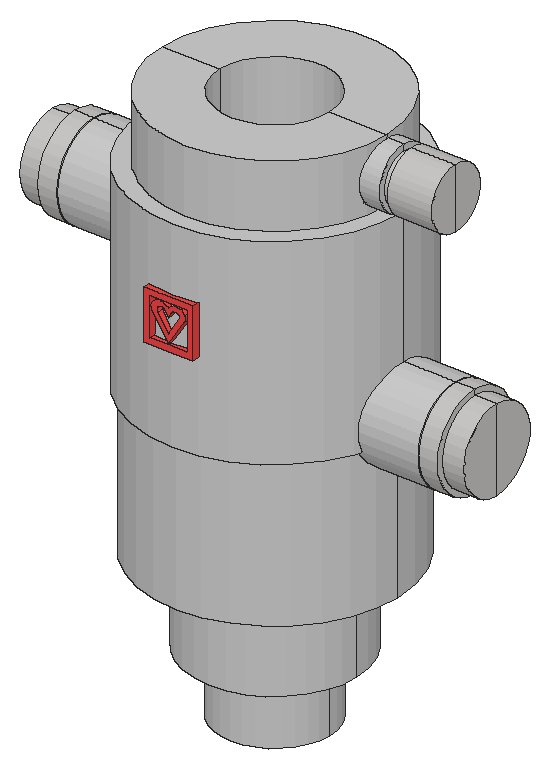
Revit family "HERZ System Seperator 0302", category Rohrzubehör, Revit 2018
Family settings
  Bemaßung runder Anschluss = Durchmesser verwenden
  Teiletyp = Unterbricht
  OmniClass-Nummer = 23.65.55.14
  OmniClass-Titel = Valves for Liquid Services
  Arbeitsebenenbasiert = Nein
  Immer vertikal = Ja
  Beim Laden mit Abzugskörper schneiden = Nein
  Gemeinsam genutzt = Nein
Parameters (values of type "DN15 (3/4"-3/4")")
  Model = "The system separator of type BA has been developed according to the standard DIN EN 1717.\r\nAccording to this standard, the water quality is divided up into 5 classes depending on the degree of contamination.\r\nSystem separators of type BA provide protection against non-drinking water up to hazard class 4.\r\nThis is the highest hazard class that may be safeguarded with a valve.\r\nSystem separator complete with safety screw to prevent manipulation, screen against contaminant ingress.\r\nThis filter disc must be inserted correctly in the fitting, so that it is possible to guarantee the function.\r\nSet the seal on top.\r\nThe installation of a dirt trap upstream of the system separator helps to guarantee constant and faultless function.\r\nIt is only possible to fit the system separator vertically.\r\nThe Herz system separator is frost-proof."
  Max. permissible temperature (short-term) = 80 °C  # constant formula
  Max. operating temperature = 65 °C  # constant formula
  Max. operating pressure = 1000000.0 Pa  # constant formula
  URL = "www.herzvalves.com"
  System separator cartridge = "high quality, lime-repellent plastic."  # constant formula
  SCTWSEQ = "AW;SBT_TYP_AW=\"104\";2"
  SCTWCODE = "04;12;02"  # constant formula
  S03 = 29.00 mm  # constant formula
  S02 = 53.00 mm  # constant formula
  S01 = 13.00 mm  # constant formula
  NennweiteEin [instance] = if([20_20], 20.00 mm, if([25_20], 25.00 mm, if([25_25], 25.00 mm, 0.00 mm)))  # 20.00 mm
  NennweiteAus [instance] = if([20_20], 20.00 mm, if([25_20], 20.00 mm, if([25_25], 25.00 mm, 0.00 mm)))  # 20.00 mm
  Medium = "water (without steam)"  # constant formula
  LO01 = 70.00 mm  # constant formula
  Installation position = "vertical"  # constant formula
  IG (ein) [instance] = NennweiteEin / 2  # 10.00 mm
  Note = "Pursuant to Article 33 of the REACH Regulation (EC No. 1907/2006), we are obliged to point out that the material lead is listed on the SVHC list and that all brass components manufactured in our products exceed 0.1% (w / w) lead (CAS: 7439-92-1 / EINECS: 231-100-4).\r\nSince lead is a component part of an alloy, actual exposure is not possible and therefore no additional information on safe use is necessary."
  Hersteller = "HERZ Armaturen Ges.m.b.H."  # constant formula
  H09 = 7.50 mm  # constant formula
  H08 = 24.50 mm  # constant formula
  H07 = 8.50 mm  # constant formula
  H06 = 57.50 mm  # constant formula
  H05 = 6.00 mm  # constant formula
  H04 = 11.50 mm  # constant formula
  H03 = 54.00 mm  # constant formula
  H02 = 27.00 mm  # constant formula
  H01 = 102.00 mm  # constant formula
  GT (IG) [instance] = if([20_20], 11.30 mm, if([25_20], 12.50 mm, if([25_25], 12.50 mm, 0.00 mm)))  # 11.30 mm
  GT (AG) [instance] = if([20_20], 11.30 mm, if([25_20], 12.50 mm, if([25_25], 12.50 mm, 0.00 mm)))  # 11.30 mm
  Seals = "EPDM"  # constant formula
  D10 = 4.00 mm  # constant formula
  D09 = 40.50 mm  # constant formula
  D08 = 4.50 mm  # constant formula
  D07 = 5.50 mm  # constant formula
  D06 = 33.00 mm  # constant formula
  D05 [instance] = (NennweiteEin / 2) + 1.00 mm  # 11.00 mm
  D04 = 15.00 mm  # constant formula
  D03 = 22.50 mm  # constant formula
  D02 = 23.50 mm  # constant formula
  D01 = 20.50 mm  # constant formula
  Body = "pressed brass (CW617N), chrome-plated."  # constant formula
  Part number = if([20_20], "I030202", if([25_20], "I030203", if([25_25], "I030213", "0")))  # "I030202"
  Application = "The system separator is designed for retrospective mounting on a take-off fitting with hose connection.\r\nThanks to its compact design, this system separator bridges gaps in all areas where a connection with the waste water is required."
  AG (aus) [instance] = NennweiteAus / 2  # 10.00 mm
  25_25 = no
  25_20 = no
  20_20 = yes
Types (4, lengths in mm): name | NennweiteEin | NennweiteAus | IG (ein) | GT (IG) | GT (AG) | D05 | Part number | AG (aus) | 25_25 | 25_20 | 20_20
  (no name) | 20.00 | 20.00 | 10.00 | 11.30 | 11.30 | 11.00 | "I030202" | 10.00 | no | no | yes
  DN15 (3/4"-3/4") | 20.00 | 20.00 | 10.00 | 11.30 | 11.30 | 11.00 | "I030202" | 10.00 | no | no | yes
  DN20 (1"-3/4") | 25.00 | 20.00 | 12.50 | 12.50 | 12.50 | 13.50 | "I030203" | 10.00 | no | yes | no
  DN20 (1"-1") | 25.00 | 25.00 | 12.50 | 12.50 | 12.50 | 13.50 | "I030213" | 12.50 | yes | no | no
Reference planes
  plane 1 "Mitte (Vorne/hinten)": y = 0
  plane 2: z = 0
  plane 3 "Mitte (Links/rechts)": x = 0
Forms (mm)
  Revolve 1, solid, material "Messing, vernickelt", detail levels fine
    sketch origin (0, 0, 0) x (1, 0, 0) y (0, 0, 1)
      loop
        line (0, 0) -> (0, 90.7) -> (-10, 90.7) -> (-10, 102) -> (-20.5, 102) -> (-20.5, 90.5) -> (-23.5, 90.5) -> (-23.5, 54) -> (-22.5, 54) -> (-22.5, 27) -> (-15, 27) -> (-15, 11.3) -> (-10, 11.3) -> (-10, 0) -> (0, 0)
      axis (0, 102) -> (0, 0)
    angle from 0 to 360
  Revolve 2, solid, material "Messing, vernickelt", detail levels fine
    sketch origin (0, 0, 0) x (1, 0, 0) y (0, 0, 1)
      loop
        line (11, 101.5) -> (11, 96) -> (23.5, 96) -> (23.5, 101.5) -> (11, 101.5)
      axis (11, 96) -> (23.5, 96)
    angle from 0 to 360
  Revolve 3, solid, material "Messing, vernickelt", detail levels fine
    sketch origin (0, 0, 0) x (1, 0, 0) y (0, 0, 1)
      loop
        line (0, 66) -> (0, 57.5) -> (33, 57.5) -> (33, 66) -> (0, 66)
      axis (33, 57.5) -> (0, 57.5)
    angle from 0 to 360
  Revolve 4, solid, material "Messing, vernickelt", detail levels fine
    sketch origin (0, 0, 0) x (1, 0, 0) y (0, 0, 1)
      loop
        line (0, 77.5) -> (0, 86) -> (-33, 86) -> (-33, 77.5) -> (0, 77.5)
      axis (-33, 77.5) -> (0, 77.5)
    angle from 0 to 360
  Revolve 5, solid, material "Edelstahl", detail levels fine
    sketch origin (0, 0, 0) x (1, 0, 0) y (0, 0, 1)
      loop
        line (23.5, 96) -> (33, 96) -> (33, 101.5) -> (25, 101.5) -> (25, 100.5) -> (23.5, 100.5) -> (23.5, 96)
      axis (23.5, 96) -> (33, 96)
    angle from 0 to 360
  Revolve 6, solid, material "Edelstahl", detail levels fine
    sketch origin (0, 0, 0) x (1, 0, 0) y (0, 0, 1)
      loop
        line (33, 57.5) -> (40.5, 57.5) -> (40.5, 65) -> (36.5, 65) -> (36.5, 66) -> (33, 66) -> (33, 57.5)
      axis (33, 57.5) -> (40.5, 57.5)
    angle from 0 to 360
  Revolve 7, solid, material "Edelstahl", detail levels fine
    sketch origin (0, 0, 20) x (-1, 0, 0) y (0, 0, 1)
      loop
        line (33, 57.5) -> (40.5, 57.5) -> (40.5, 65) -> (36.5, 65) -> (36.5, 66) -> (33, 66) -> (33, 57.5)
      axis (33, 57.5) -> (40.5, 57.5)
    angle from 0 to 360
Lines and regions (mm)
  model lines, detail levels coarse+medium
    curve 1: line (-23.5, 0, 102) -> (23.5, 0, 102)
    curve 2: line (-23.5, 0, 0) -> (-23.5, 0, 102)
    curve 3: line (23.5, 0, 0) -> (-23.5, 0, 0)
    curve 4: line (23.5, 0, 102) -> (23.5, 0, 0)
    curve 5: line (-10.5, 0, 102) -> (-10.5, 0, 49)
    curve 6: line (-10.5, 0, 29) -> (-10.5, 0, 0)
    curve 7: line (10.5, 0, 102) -> (10.5, 0, 49)
    curve 8: line (10.5, 0, 29) -> (10.5, 0, 0)
    curve 9: line (0, 23.5, 102) -> (0, -23.5, 102)
    curve 10: line (0, 23.5, 0) -> (0, 23.5, 102)
    curve 11: line (0, -23.5, 0) -> (0, 23.5, 0)
    curve 12: line (0, -23.5, 102) -> (0, -23.5, 0)
    curve 13: line (0, 10.5, 102) -> (0, 10.5, 49)
    curve 14: line (0, 10.5, 29) -> (0, 10.5, 0)
    curve 15: line (0, -10.5, 102) -> (0, -10.5, 49)
    curve 16: line (0, -10.5, 29) -> (0, -10.5, 0)
Dimensions and locks
  "H01": Revolve 1 sketch curve to plane 2
  "IG (ein)": Revolve 1 sketch curve to plane 3 "Mitte (Links/rechts)"
  "AG (aus)": Revolve 1 sketch curve to plane 3 "Mitte (Links/rechts)"
  "GT (IG)": Revolve 1 sketch curve to Revolve 1 sketch curve
  "GT (AG)": Revolve 1 sketch curve to Revolve 1 sketch curve
  "D01": Revolve 1 sketch curve to plane 3 "Mitte (Links/rechts)"
  "D02": plane 3 "Mitte (Links/rechts)" to Revolve 1 sketch curve
  "D03": Revolve 1 sketch curve to plane 3 "Mitte (Links/rechts)"
  "D04": Revolve 1 sketch curve to plane 3 "Mitte (Links/rechts)"
  "H02": Revolve 1 sketch curve to plane 2
  "H03": Revolve 1 sketch curve to plane 2
  "H04": Revolve 1 sketch curve to Revolve 1 sketch curve
  "H05": Revolve 1 to Revolve 2 sketch curve
  "D02": Revolve 2 sketch curve to plane 3 "Mitte (Links/rechts)"
  "D05": Revolve 2 sketch curve to plane 3 "Mitte (Links/rechts)"
  "H06": Revolve 3 sketch curve to plane 2
  "H07": Revolve 3 sketch curve to Revolve 3 sketch curve
  "D06": Revolve 3 sketch curve to plane 3 "Mitte (Links/rechts)"
  "D06": plane 3 "Mitte (Links/rechts)" to Revolve 4 sketch curve
  "H07": Revolve 4 sketch curve to Revolve 4 sketch curve
  "H08": Revolve 1 to Revolve 4 sketch curve
  "D06": Revolve 5 sketch curve to plane 3 "Mitte (Links/rechts)"
  Revolve 5 sketch curve to Revolve 5 sketch curve = 1.50 mm
  "D02": Revolve 5 sketch curve to plane 3 "Mitte (Links/rechts)"
  "D07": Revolve 5 sketch curve to Revolve 5 sketch curve
  "H05": Revolve 1 to Revolve 5 sketch curve
  "D07": Revolve 2 sketch curve to Revolve 2 sketch curve
  "D08": Revolve 5 sketch curve to Revolve 5 sketch curve
  "D06": plane 3 "Mitte (Links/rechts)" to Revolve 6 sketch curve
  "D09": Revolve 6 sketch curve to plane 3 "Mitte (Links/rechts)"
  "D10": Revolve 6 sketch curve to Revolve 6 sketch curve
  "H07": Revolve 6 sketch curve to Revolve 6 sketch curve
  "H09": Revolve 6 sketch curve to Revolve 6 sketch curve
  "D10": Revolve 7 sketch curve to Revolve 7 sketch curve
  "H07": Revolve 7 sketch curve to Revolve 7 sketch curve
  "H09": Revolve 7 sketch curve to Revolve 7 sketch curve
  "H08": Revolve 1 to Revolve 7 sketch curve
  "D06": plane 3 "Mitte (Links/rechts)" to Revolve 7 sketch curve
  "D09": plane 3 "Mitte (Links/rechts)" to Revolve 7 sketch curve
  "D02": nested 1 to plane 1 "Mitte (Vorne/hinten)"
  "LO01": nested 1 to plane 2
  "H01": curve 1 to plane 2
  "D02": curve 4 to plane 3 "Mitte (Links/rechts)" to curve 2
  "S01": curve 2 to curve 5
  "S01": curve 7 to curve 4
  "S01": curve 6 to curve 2
  "S01": curve 8 to curve 4
  "S02": curve 1 to curve 7
  "S02": curve 1 to curve 5
  "S03": curve 8 to curve 3
  "S03": curve 6 to curve 3
  "H01": curve 9 to plane 2
  "S03": curve 16 to plane 2
  "S02": curve 15 to curve 9
  "S01": curve 15 to curve 12
  "S01": curve 10 to curve 13
  "D02": curve 10 to plane 1 "Mitte (Vorne/hinten)" to curve 12
  "S01": curve 10 to curve 14
  "S01": curve 16 to curve 12
  "S03": curve 14 to plane 2
  "S02": curve 13 to curve 9
  aligned and locked: level to plane 2
Automatic sketch dimensions
  curve 16 to level = 0.00 mm
  curve 8 to level = 0.00 mm
  Revolve 1 sketch curve to plane 3 "Mitte (Links/rechts)" = 0.00 mm  (x2)
  Revolve 1 sketch curve to level = 0.00 mm
  Revolve 1 sketch curve to level = 366.045 mm
  Revolve 1 sketch curve to Revolve 1 sketch curve = 2112.315 mm
  Revolve 2 sketch curve to Revolve 2 sketch curve = 0.00 mm  (x3)
  Revolve 3 sketch curve to plane 3 "Mitte (Links/rechts)" = 0.00 mm  (x2)
  Revolve 3 sketch curve to Revolve 3 sketch curve = 0.00 mm  (x2)
  Revolve 4 sketch curve to plane 3 "Mitte (Links/rechts)" = 0.00 mm  (x2)
  Revolve 4 sketch curve to Revolve 4 sketch curve = 0.00 mm  (x2)
  Revolve 5 sketch curve to Revolve 5 sketch curve = 0.00 mm  (x3)
  level to Revolve 6 sketch curve = 57.50 mm
  Revolve 6 sketch curve to Revolve 6 sketch curve = 0.00 mm  (x3)
  Revolve 7 sketch curve to Revolve 7 sketch curve = 0.00 mm  (x3)
Nested families
  nested 1: "Herz-Logo-vorne" at (0, -23.5, 74.5) x (0, 1, 0) z (0, 0, 1), type "Herz-Logo-vorne", detail levels fine
Connectors
  piping at (0, 0, 90.7), diameter 20, driven by "NennweiteEin"
    settings: on Revolve 1, index 1, connector inside diameter 609.6 mm, connector length 0.00 mm, flow factor 0, pipe flow 0.0 L/s, pressure drop 0.0 Pa, fitting loss kfactor 0, connector angle 0.00°, fixture units 0, engagement length 0.00 mm, angle of deflection 0.00°, flow configuration 0, flow direction 1, fitting loss method 0, system type 29, joint type 0, gender type 0, connector reference index -1, connector utility 0, adjustable connector no, is connector primary yes, connector description ""
  piping at (0, 0, 0), diameter 20, driven by "NennweiteAus"
    settings: on Revolve 1, index 2, connector inside diameter 609.6 mm, connector length 0.00 mm, flow factor 0, pipe flow 0.0 L/s, pressure drop 0.0 Pa, fitting loss kfactor 0, connector angle 0.00°, fixture units 0, engagement length 0.00 mm, angle of deflection 0.00°, flow configuration 0, flow direction 2, fitting loss method 0, system type 29, joint type 0, gender type 0, connector reference index -1, connector utility 0, adjustable connector no, is connector primary no, connector description ""
Definition of nested family "Herz-Logo-vorne"
  Reference planes
    plane 1 "Mitte (Vorne/hinten)": y = 0
    plane 2: z = 0
    plane 3 "Mitte (Links/rechts)": x = 0
  Forms (mm)
    Extrusion 1, solid
      sketch origin (0.732, -0.018, 0.017) x (0, -1, 0) y (0, 0, 1)
        loop
          line (-0.018, -4.517) -> (4.482, -4.517) -> (4.482, 4.483) -> (-4.518, 4.483) -> (-4.518, -4.517) -> (-0.018, -4.517)
        loop
          line (-0.05, -3.48) -> (3.482, -3.48) -> (3.482, 3.483) -> (-3.518, 3.483) -> (-3.518, -3.48) -> (-0.05, -3.48)
        loop
          arc (-0.018, 2.383) -> (-1.543, 3.287) -> (-3.067, 2.383) r 1.738
          arc (-3.067, 2.383) -> (-3.191, 1.899) -> (-3.067, 1.415) r 1.009
          line (-3.067, 1.415) -> (-0.018, -3.281) -> (3.032, 1.415)
          arc (3.032, 1.415) -> (3.156, 1.899) -> (3.032, 2.383) r 1.009
          arc (3.032, 2.383) -> (1.507, 3.287) -> (-0.018, 2.383) r 1.738
        loop
          arc (1.885, 1.272) -> (2.005, 1.675) -> (1.885, 2.079) r 0.74
          arc (1.885, 2.079) -> (1.265, 2.416) -> (0.644, 2.079) r 0.74
          line (0.644, 2.079) -> (-0.018, 0.97) -> (-0.679, 2.079)
          arc (-0.679, 2.079) -> (-1.3, 2.416) -> (-1.921, 2.079) r 0.74
          arc (-1.921, 2.079) -> (-2.04, 1.675) -> (-1.921, 1.272) r 0.74
          line (-1.921, 1.272) -> (-0.018, -1.658) -> (1.885, 1.272)
      from 0 to 1.5
  Dimensions and locks
    aligned and locked: level to plane 2
